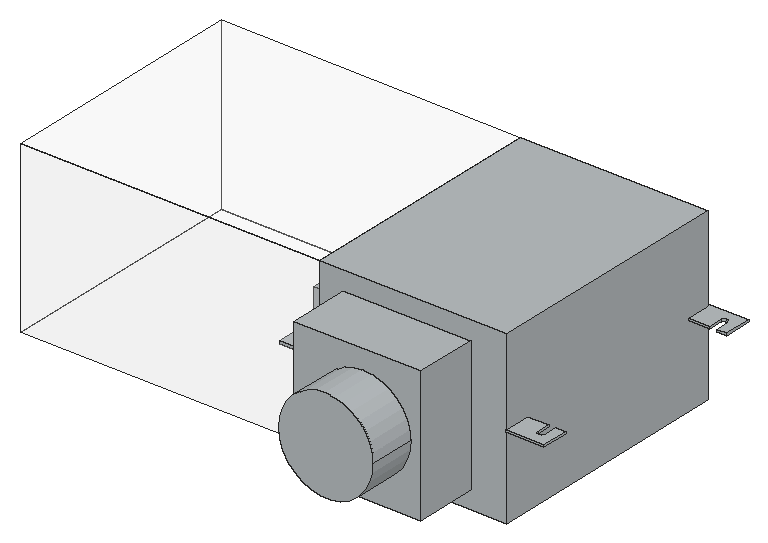
Revit family "10_給気タイプ 消音形 単相100V_3相200V-60", category 機械設備, Revit 2019
Family settings
  丸型コネクタ寸法 = 直径を使用
  パーツ タイプ = 割り込み
  OmniClass 番号 = 23.75.35.17.27
  OmniClass タイトル = Centrifugal Fans
  作業面ベース = いいえ
  常に垂直 = はい
  ロード時にボイドで切り取り = いいえ
  共有 = いいえ
  部屋計算ポイント = はい
Parameters (values of type "BFS-40SSUA")
  騒音レベル(dB(A))_吸込 = 42
  騒音レベル(dB(A))_吐出 = 39
  騒音レベル(dB(A))_側面 = 20.5
  騒音レベル(dB(A)) = 42
  風量 [instance] = 設計風量  # 0.0 m³/h
  電源種別 [instance] = "一般"
  電圧 = 100 V
  電動機出力 = 35 W
  電動機_種別 [instance] = ""
  運転質量 = 0.00 kg
  連動 [instance] = ""
  質量 = if(製品質量 > 運転質量, 製品質量, 運転質量) * 1.2  # 12.60 kg
  負荷分類 = 3_ファン類
  説明 = "ストレートシロッコファン給気タイプ消音形"
  設計風量 [instance] = 0.0 m³/h
  設置方法 = "天吊"
  記号 [instance] = ""
  製造元 = "三菱電機株式会社"
  製品質量 = 10.50 kg
  製品出荷対象 = "国内"
  製品リリース年月 = "2020年4月27日"
  製品グループ = ""
  系統 [instance] = ""
  符号 [instance] = if(☑給気／□排気, "FS", "FE")  # "FS"
  積算_科目 = "2 換気設備"
  積算_拾い区分 [instance] = ""
  相 = 1
  盤記号 [instance] = ""
  盤工事区分 = "電気工事"
  発停方法 [instance] = "別売スイッチ"
  番手 = "#1 1/4"
  特殊仕様 [instance] = ""
  火災停止 = ""
  消費電力 = 85 W
  法定耐用年数 = "15"
  機外静圧 [instance] = 0.0 Pa
  極数 = 2
  極 = 4
  材質 [instance] = ""
  本体マテリアル = 溶融亜鉛めっき鋼板
  操作・制御方式 = ""
  操作・制御スイッチ = ""
  排気量 [instance] = if(☑給気／□排気, 0.0 m³/h, 設計風量)  # 0.0 m³/h
  形式 = ""
  形名 = BFS-SSUA : BFS-40SSUA
  幹線記号 [instance] = ""
  対象室 [instance] = ""
  実風量 = 0.0 m³/h
  始動方式 [instance] = "直入"
  外気量 [instance] = if(☑給気／□排気, 設計風量, 0.0 m³/h)  # 0.0 m³/h
  呼称 = "消音ボックス付送風機"
  周波数 = 60 Hz
  天吊金具ピッチ幅 = 358 mm
  天吊金具ピッチ奥行 = 343 mm
  参照している仕様書等のバージョン = "公共建築工事標準仕様書（機械設備工事編）平成31年度版"
  分類コード = "50052502100020"
  分類グループ = ""
  価格 = 86900
  企業コード = "108420"
  付属品_防振装置 = ""
  付属品 [instance] = ""
  仕様書バージョン = "Version1.0"
  モデル = "BFS-40SSUA"
  ファンの種類 = "多翼形"
  ダクト径 = 150 mm
  サービススペース = yes
  コメント [instance] = ""
  Keynote = ""
  ☑給気／□排気 [instance] = yes
  Width = 282 mm
  Version = ""
  Uniclass2015Version = "Systems v1.9"
  Uniclass2015Title = "Centrifugal fans"
  Uniclass2015Code = "Pr_65_67_29_12"
  URL = "https://www.mitsubishielectric.co.jp/ldg/wink/ssl/displayProduct.do?pid=306648"
  SpecificationReference = ""
  SpecificationDescription = ""
  Revision = ""
  ProductInformation = ""
  OmniClassCode = "23-33 31 19 13 15"
  MIN風量 = 204.0 m³/h
  MIN静圧 = 41.0 Pa
  MID風量 = 0.0 m³/h
  MID静圧 = 0.0 Pa
  MAX風量 = 400.0 m³/h
  MAX静圧 = 97.0 Pa
  M = 70 mm
  IfcTypeProduct = ""
  IfcProduct = ""
  IfcExportType = "CENTRIFUGALFORWARDCURVED"
  IfcExportAs = "IfcFanType"
  Height = 255 mm
  Depth = 378 mm
  Clearance Top = 0 mm  # constant formula
  Clearance Right = 0 mm  # constant formula
  Clearance Left = 450 mm  # constant formula
  Clearance Front = 0 mm  # constant formula
  Clearance Bottom = 0 mm  # constant formula
  Clearance Back = 0 mm  # constant formula
  Author = "三菱電機株式会社"
Types (7, lengths in mm): name | 騒音レベル(dB(A))_吸込 | 騒音レベル(dB(A))_吐出 | 騒音レベル(dB(A))_側面 | 騒音レベル(dB(A)) | 電圧 | 電動機出力 | 質量 | 製品質量 | 符号 | 相 | 番手 | 消費電力 | 極数 | 形名 | 天吊金具ピッチ幅 | 天吊金具ピッチ奥行 | 価格 | モデル | ダクト径 | ☑給気／□排気 | Width | URL | MIN風量 | MIN静圧 | MAX風量 | MAX静圧 | M | Height | Depth
  BFS-40SSUA | 42 | 39 | 20.5 | 42 | 100 V | 35 W | 12.60 kg | 10.50 kg | "FS" | 1 | "#1 1/4" | 85 W | 2 | BFS-SSUA : BFS-40SSUA | 358 | 343 | 86900 | "BFS-40SSUA" | 150 | yes | 282 | "https://www.mitsubishielectric.co.jp/ldg/wink/ssl/displayProduct.do?pid=306648" | 204.0 m³/h | 41.0 Pa | 400.0 m³/h | 97.0 Pa | 70 | 255 | 378
  BFS-50SSUA | 45.5 | 41 | 23.5 | 45.5 | 100 V | 45 W | 15.00 kg | 12.50 kg | "FE" | 1 | "#1 1/4" | 100 W | 2 | BFS-SSUA : BFS-50SSUA | 401 | 388 | 123000 | "BFS-50SSUA" | 200 | no | 325 | "https://www.mitsubishielectric.co.jp/ldg/wink/ssl/displayProduct.do?pid=306649" | 395.0 m³/h | 120.0 Pa | 500.0 m³/h | 190.0 Pa | 85 | 255 | 423
  BFS-80SSUA | 51 | 44.5 | 28 | 51 | 100 V | 110 W | 19.20 kg | 16.00 kg | "FE" | 1 | "#1 1/4" | 210 W | 2 | BFS-SSUA : BFS-80SSUA | 449 | 428 | 137000 | "BFS-80SSUA" | 200 | no | 373 | "https://www.mitsubishielectric.co.jp/ldg/wink/ssl/displayProduct.do?pid=306650" | 650.0 m³/h | 109.0 Pa | 800.0 m³/h | 165.0 Pa | 85 | 305 | 463
  BFS-100SSUA | 53 | 51 | 32 | 53 | 100 V | 200 W | 21.60 kg | 18.00 kg | "FE" | 1 | "#1 1/2" | 280 W | 2 | BFS-SSUA : BFS-100SSUA | 469 | 453 | 154000 | "BFS-100SSUA" | 200 | no | 393 | "https://www.mitsubishielectric.co.jp/ldg/wink/ssl/displayProduct.do?pid=306644" | 880.0 m³/h | 215.0 Pa | 1000.0 m³/h | 260.0 Pa | 85 | 305 | 488
  BFS-150SSUA | 60.5 | 56 | 35 | 60.5 | 100 V | 300 W | 28.20 kg | 23.50 kg | "FE" | 1 | "#1 1/2" | 515 W | 2 | BFS-SSUA : BFS-150SSUA | 467 | 555 | 176000 | "BFS-150SSUA" | 250 | no | 391 | "https://www.mitsubishielectric.co.jp/ldg/wink/ssl/displayProduct.do?pid=306645" | 1275.0 m³/h | 230.0 Pa | 1500.0 m³/h | 320.0 Pa | 85 | 350 | 590
  BFS-150STUA | 57.5 | 56 | 35 | 57.5 | 200 V | 350 W | 28.20 kg | 23.50 kg | "FE" | 3 | "#1 1/2" | 440 W | 3 | BFS-STUA : BFS-150STUA | 467 | 555 | 176000 | "BFS-150STUA" | 250 | no | 391 | "https://www.mitsubishielectric.co.jp/ldg/wink/ssl/displayProduct.do?pid=306646" | 1110.0 m³/h | 175.0 Pa | 1500.0 m³/h | 320.0 Pa | 85 | 350 | 590
  BFS-210STUA | 64.5 | 59.5 | 38 | 64.5 | 200 V | 490 W | 31.80 kg | 26.50 kg | "FE" | 3 | "#1 1/2" | 700 W | 3 | BFS-STUA : BFS-210STUA | 552 | 610 | 271000 | "BFS-210STUA" | 300 | no | 476 | "https://www.mitsubishielectric.co.jp/ldg/wink/ssl/displayProduct.do?pid=306647" | 0.0 m³/h | 0.0 Pa | 2100.0 m³/h | 325.0 Pa | 100 | 350 | 645
Reference planes
  plane 1 "中心(正面/背面)": y = 0
  plane 2: z = 0
  plane 3 "中心(左/右)": x = 0
  plane 4 "左": x = -141
  plane 5 "右": x = 141
  plane 6 "背面": y = 189
  plane 7 "正面": y = -189
  plane 8: z = 127.5
  plane 9: y = 171.5
  plane 10: y = -171.5
  plane 11: x = 179
  plane 12: x = -179
  plane 13: z = -127.5
  plane 14: y = 189
  plane 15: y = -189
  plane 16: x = 141
  plane 17: x = -591
  plane 18: z = 127.5
  plane 19: z = -127.5
Dimensions and locks
  "Width": plane 4 "左" to plane 5 "右"
  equal spacing: plane 7 "正面", plane 1 "中心(正面/背面)", plane 6 "背面"
  "Depth": plane 7 "正面" to plane 6 "背面"
  equal spacing: plane 8, level, plane 13
  "Height": plane 8 to plane 13
  "天吊金具ピッチ幅": plane 12 to plane 11
  equal spacing: plane 10, plane 1 "中心(正面/背面)", plane 9
  "天吊金具ピッチ奥行": plane 10 to plane 9
  "Clearance Back": plane 6 "背面" to plane 14
  "Clearance Front": plane 15 to plane 7 "正面"
  "Clearance Left": plane 17 to plane 4 "左"
  "Clearance Right": plane 5 "右" to plane 16
  "Clearance Top": plane 18 to plane 8
  "Clearance Bottom": plane 13 to plane 19
  equal spacing: plane 12, plane 3 "中心(左/右)", plane 11
  equal spacing: plane 4 "左", plane 3 "中心(左/右)", plane 5 "右"
  aligned and locked: level to plane 2
  aligned and locked: nested 2 to plane 9
  aligned and locked: plane 10 to nested 2
  aligned and locked: plane 12 to nested 2
  aligned and locked: plane 11 to nested 2
  aligned and locked: plane 8 to nested 1
  aligned and locked: nested 1 to plane 13
  aligned and locked: plane 17 to nested 3
  aligned and locked: plane 15 to nested 3
  aligned and locked: plane 18 to nested 3
  aligned and locked: plane 19 to nested 3
  aligned and locked: plane 14 to nested 3
  aligned and locked: plane 4 "左" to nested 3
  aligned and locked: plane 1 "中心(正面/背面)" to nested 1
  aligned and locked: nested 1 to plane 3 "中心(左/右)"
Nested families
  nested 1: "BFS-SSUA" at (0, 0, -127.5) x (0, -1, 0) z (0, 0, 1), type <- "形名", type "BFS-40SSUA"
  nested 2: "固定点" at (-179, -171.5, 0), type "固定点"
    with W 358 mm, D 343 mm
  nested 3: "サービススペース" at (-366, 0, 0), visible <- "サービススペース", type "サービススペース"
    with Width 450 mm, Height 255 mm, Depth 378 mm
Connectors
  hvac at (0, -353, 0), driven by "ダクト径", driven by "機外静圧", driven by "風量"
    settings: on nested 1, index 2, duct flow 0.0 m³/h, flow factor 0, pres drop 0.0 Pa, loss coef 0, conn angle 0.00°, conn width 304.8 mm, conn height 304.8 mm, conn diameter 150 mm, duct sys type 29, conn prof type 0, flow config 0, flow direction 2, loss method 4, conn ref index -1, conn util no, is conn primary yes, conn desc "Out"
  hvac at (0, 259, 0), driven by "ダクト径", driven by "機外静圧", driven by "風量"
    settings: on nested 1, index 3, duct flow 0.0 m³/h, flow factor 0, pres drop 0.0 Pa, loss coef 0, conn angle 0.00°, conn width 304.8 mm, conn height 304.8 mm, conn diameter 150 mm, duct sys type 29, conn prof type 0, flow config 0, flow direction 1, loss method 4, conn ref index -1, conn util no, is conn primary no, conn desc "In"
  electrical at (-204, -76, -29.5), driven by "極数", driven by "負荷分類", driven by "電圧", driven by "消費電力"
    settings: on nested 1, index 4, voltage 100 V, apparent load 85 VA, apparent load phase1 0 VA, apparent load phase2 0 VA, apparent load phase3 0 VA, power factor 1, load classification "3_ファン類", number of poles 2, system type 30, power factor state 1, is connector primary yes, connector utility no, sub classification motor no, connector description ""
Definition of nested family "BFS-SSUA"
  Parameters (values of type "BFS-40SSUA")
    端子カバー高 = 140 mm  # constant formula
    端子カバー手前位置 = 68 mm
    端子カバー幅 = 63 mm
    端子カバー奥行 = 90 mm  # constant formula
    端子カバー上位置 = 87 mm
    吊りボルトW = 343 mm
    吊りボルトD = 358 mm
    マテリアル = none
    ダクトW = 191 mm
    ダクトH = 201 mm
    カバーD = 63 mm
    φ = 142 mm
    Φ = 160 mm
    kb_z = 25 mm
    h1 = 28 mm
    b = 281 mm
    a = 70 mm
    W2 = 41 mm
    A = 472 mm
    W = 378 mm
    H = 255 mm
    c = 51 mm
    d1 = 55 mm
    D1 = 398 mm
    D = 282 mm
  Types (5, lengths in mm): name | 端子カバー手前位置 | 端子カバー幅 | 端子カバー上位置 | 吊りボルトW | 吊りボルトD | ダクトW | ダクトH | カバーD | φ | Φ | kb_z | h1 | b | a | A | W | H | c | d1 | D1 | D
    BFS-40SSUA | 68 | 63 | 87 | 343 | 358 | 191 | 201 | 63 | 142 | 160 | 25 | 28 | 281 | 70 | 472 | 378 | 255 | 51 | 55 | 398 | 282
    BFS-50SSUA | 68 | 63 | 87 | 388 | 401 | 218 | 252 | 63 | 192 | 208 | 25 | 3.5 | 264 | 85 | 528 | 423 | 255 | 51 | 54 | 441 | 325
    BFS-80SSUA | 69 | 63 | 117 | 428 | 449 | 299 | 273 | 63 | 192 | 208 | 25 | 31 | 331 | 85 | 604 | 463 | 305 | 52 | 37 | 489 | 373
    BFS-100SSUA | 69 | 63 | 117 | 453 | 469 | 272 | 256 | 63 | 192 | 208 | 25 | 25 | 331 | 85 | 609 | 488 | 305 | 52 | 61 | 509 | 393
    BFS-150SSUA | 87 | 71 | 25 | 555 | 467 | 299 | 314 | 71 | 242 | 258 | 150 | 30 | 391 | 85 | 741 | 590 | 350 | 70 | 39 | 507 | 391
  Reference planes
    plane 1 "中心(正面/背面)": y = 0
    plane 2: z = 0
    plane 3 "中心(左/右)": x = 0
    plane 4: y = 141
    plane 5: y = 179
    plane 6: y = 199
    plane 7: y = -141
    plane 8: y = -179
    plane 9: y = -199
    plane 10: x = -189
    plane 11: x = -171.5
    plane 12: x = -192
    plane 13: x = 189
    plane 14: x = 171.5
    plane 15: x = 192
    plane 16: z = 255
    plane 17: z = 600
    plane 18: z = 900
    plane 19: z = 1200
    plane 20: x = -160
    plane 21: x = 121
    plane 22: x = 353
    plane 23: x = -259
    plane 24: z = 127.5
    plane 25: z = 124.5
    plane 26: z = 86.5
    plane 27: x = -151
    plane 28: z = 109.5
    plane 29: x = 151
    plane 30: y = 144
    plane 31: x = 31
    plane 32: z = 168
    plane 33: z = 28
    plane 34: y = -204
    plane 35: x = 283
    plane 36: y = 86
    plane 37: y = -105
    plane 38: z = 227
    plane 39: z = 50
    plane 40: z = 26
  Forms (mm)
    Extrusion 1, solid, material <- "マテリアル", detail levels fine
      sketch origin (0, 0, 0) x (1, 0, 0) y (0, 1, 0)
        loop
          line (-189, 141) -> (-189, -141) -> (189, -141) -> (189, 141) -> (-189, 141)
      from 0 to 255
    Extrusion 2, solid, material <- "マテリアル", detail levels fine
      sketch origin (0, 0, 0) x (1, 0, 0) y (0, 1, 0)
        loop
          line (-192, -141) -> (-192, -199) -> (-151, -199) -> (-151, -184.5) -> (-171.5, -184.5)
          arc (-171.5, -184.5) -> (-177, -179) -> (-171.5, -173.5) r 5.5
          line (-171.5, -173.5) -> (-151, -173.5) -> (-151, -141) -> (-192, -141)
      from 124.5 to 127.5
    Extrusion 3, solid, material <- "マテリアル", detail levels fine
      sketch origin (0, 0, 0) x (1, 0, 0) y (0, 1, 0)
        loop
          line (-192, 141) -> (-151, 141) -> (-151, 173.5) -> (-171.5, 173.5)
          arc (-171.5, 173.5) -> (-177, 179) -> (-171.5, 184.5) r 5.5
          line (-171.5, 184.5) -> (-151, 184.5) -> (-151, 199) -> (-192, 199) -> (-192, 141)
      from 124.5 to 127.5
    Extrusion 4, solid, material <- "マテリアル", detail levels fine
      sketch origin (0, 0, 0) x (-1, 0, 0) y (0, -1, 0)
        loop
          line (-192, -141) -> (-192, -199) -> (-151, -199) -> (-151, -184.5) -> (-171.5, -184.5)
          arc (-171.5, -184.5) -> (-177, -179) -> (-171.5, -173.5) r 5.5
          line (-171.5, -173.5) -> (-151, -173.5) -> (-151, -141) -> (-192, -141)
      from 124.5 to 127.5
    Extrusion 5, solid, material <- "マテリアル", detail levels fine
      sketch origin (0, 0, 0) x (-1, 0, 0) y (0, -1, 0)
        loop
          line (-192, 141) -> (-151, 141) -> (-151, 173.5) -> (-171.5, 173.5)
          arc (-171.5, 173.5) -> (-177, 179) -> (-171.5, 184.5) r 5.5
          line (-171.5, 184.5) -> (-151, 184.5) -> (-151, 199) -> (-192, 199) -> (-192, 141)
      from 124.5 to 127.5
    Extrusion 6, solid, material <- "マテリアル", detail levels fine
      sketch origin (0, 0, 0) x (0, 1, 0) y (0, 0, 1)
        loop
          circle (0, 127.5) r 71
      from -189 to -259
    Extrusion 7, solid, material <- "マテリアル", detail levels fine
      sketch origin (0, 0, 0) x (0, 1, 0) y (0, 0, -1)
        loop
          circle (0, -127.5) r 71
      from -283 to -353
    Extrusion 8, solid, material <- "マテリアル", detail levels fine
      sketch origin (0, 0, 0) x (1, 0, 0) y (0, 0, 1)
        loop
          line (121, 168) -> (31, 168) -> (31, 28) -> (121, 28) -> (121, 168)
      from 141 to 204
    Extrusion 9, solid, material <- "マテリアル", detail levels fine
      sketch origin (0, 0, 0) x (0, 1, 0) y (0, 0, 1)
        loop
          line (-105, 227) -> (-105, 26) -> (86, 26) -> (86, 227) -> (-105, 227)
      from 189 to 283
  Dimensions and locks
    "吊りボルトW": plane 11 to plane 14
    "W": plane 10 to plane 13
    "D1": plane 9 to plane 6
    "吊りボルトD": plane 8 to plane 5
    "D": plane 7 to plane 4
    equal spacing: plane 7, plane 1 "中心(正面/背面)", plane 4
    equal spacing: plane 10, plane 3 "中心(左/右)", plane 13
    "H": plane 16 to level
    locked: plane 13 to plane 15 at 3
    locked: plane 12 to plane 10 at 3
    equal spacing: plane 16, plane 24, level
    locked: plane 24 to plane 25 at 3
    locked: plane 24 to plane 26 at 41
    "W2": plane 12 to plane 27
    locked: plane 25 to plane 28 at 15
    "W2": plane 29 to plane 15
    locked: plane 30 to plane 4 at 3
    "a": plane 23 to plane 10
    "端子カバー手前位置": plane 13 to plane 21
    "b": plane 21 to plane 20
    "端子カバー奥行": plane 21 to plane 31
    "端子カバー高": plane 32 to plane 33
    "端子カバー幅": plane 34 to plane 7
    equal spacing: plane 11, plane 3 "中心(左/右)", plane 14
    equal spacing: plane 9, plane 1 "中心(正面/背面)", plane 6
    equal spacing: plane 8, plane 1 "中心(正面/背面)", plane 5
    "a": plane 35 to plane 22
    "A": plane 10 to plane 35
    "ダクトW": plane 37 to plane 36
    "d1": plane 36 to plane 4
    "ダクトH": plane 38 to plane 40
    "h1": plane 16 to plane 38
    "端子カバー上位置": plane 16 to plane 32
    "φ": diameter of Extrusion 6 sketch curve
    "φ": diameter of Extrusion 7 sketch curve
    aligned and locked: level to plane 2
    aligned and locked: plane 4 to Extrusion 1 sketch curve
    aligned and locked: plane 10 to Extrusion 1 sketch curve
    aligned and locked: Extrusion 1 sketch curve to plane 7
    aligned and locked: Extrusion 1 sketch curve to plane 13
    aligned and locked: plane 16 to Extrusion 1
    aligned and locked: plane 7 to Extrusion 2 sketch curve
    aligned and locked: plane 12 to Extrusion 2 sketch curve
    aligned and locked: Extrusion 2 sketch curve to plane 9
    aligned and locked: Extrusion 2 sketch curve to plane 27  (x2)
    aligned and locked: plane 11 to Extrusion 2 sketch curve
    aligned and locked: plane 8 to Extrusion 2 sketch curve
    aligned and locked: plane 24 to Extrusion 2
    aligned and locked: Extrusion 2 to plane 25
    aligned and locked: plane 27 to Extrusion 3 sketch curve  (x2)
    aligned and locked: plane 5 to Extrusion 3 sketch curve
    aligned and locked: plane 11 to Extrusion 3 sketch curve
    aligned and locked: Extrusion 3 sketch curve to plane 6
    aligned and locked: Extrusion 3 sketch curve to plane 12
    aligned and locked: plane 4 to Extrusion 3 sketch curve
    aligned and locked: plane 24 to Extrusion 3
    aligned and locked: Extrusion 3 to plane 25
    aligned and locked: Extrusion 4 to plane 6
    aligned and locked: plane 15 to Extrusion 4
    aligned and locked: Extrusion 4 to plane 29
    aligned and locked: plane 29 to Extrusion 4 sketch curve  (x2)
    aligned and locked: plane 6 to Extrusion 4 sketch curve
    aligned and locked: Extrusion 4 sketch curve to plane 15
    aligned and locked: plane 5 to Extrusion 4 sketch curve
    aligned and locked: plane 14 to Extrusion 4 sketch curve
    aligned and locked: Extrusion 4 sketch curve to plane 4
    aligned and locked: Extrusion 4 to plane 25
    aligned and locked: plane 24 to Extrusion 4
    aligned and locked: plane 9 to Extrusion 5 sketch curve
    aligned and locked: plane 15 to Extrusion 5 sketch curve
    aligned and locked: Extrusion 5 sketch curve to plane 7
    aligned and locked: Extrusion 5 sketch curve to plane 29  (x2)
    aligned and locked: plane 14 to Extrusion 5 sketch curve
    aligned and locked: plane 8 to Extrusion 5 sketch curve
    aligned and locked: Extrusion 5 to plane 25
    aligned and locked: plane 24 to Extrusion 5
    aligned and locked: plane 1 "中心(正面/背面)" to Extrusion 6 sketch curve
    aligned and locked: plane 24 to Extrusion 6 sketch curve
    aligned and locked: Extrusion 6 to plane 23
    aligned and locked: plane 24 to Extrusion 7 sketch curve
    aligned and locked: plane 1 "中心(正面/背面)" to Extrusion 7 sketch curve
    aligned and locked: plane 22 to Extrusion 7
    aligned and locked: plane 32 to Extrusion 8 sketch curve
    aligned and locked: plane 21 to Extrusion 8 sketch curve
    aligned and locked: Extrusion 8 sketch curve to plane 33
    aligned and locked: Extrusion 8 sketch curve to plane 31
    aligned and locked: Extrusion 8 to plane 7
    aligned and locked: Extrusion 9 sketch curve to plane 38
    aligned and locked: Extrusion 9 sketch curve to plane 37
    aligned and locked: plane 36 to Extrusion 9 sketch curve
    aligned and locked: plane 40 to Extrusion 9 sketch curve
    aligned and locked: plane 35 to Extrusion 9
    aligned and locked: Extrusion 9 to plane 13
    aligned and locked: plane 34 to Extrusion 8
    aligned and locked: plane 10 to Extrusion 6
    aligned and locked: Extrusion 7 to plane 35
  Automatic sketch dimensions
    Extrusion 2 sketch curve to plane 11 = 0 mm
    plane 8 to Extrusion 2 sketch curve = 5.5 mm
    Extrusion 3 sketch curve to plane 11 = 0 mm
    plane 5 to Extrusion 3 sketch curve = 5.5 mm
    Extrusion 4 sketch curve to plane 14 = 0 mm
    Extrusion 4 sketch curve to plane 5 = 5.5 mm
    Extrusion 5 sketch curve to plane 14 = 0 mm
    Extrusion 5 sketch curve to plane 8 = 5.5 mm
Definition of nested family "サービススペース"
  Parameters (values of type "サービススペース")
    Width [instance] = 500 mm
    Height [instance] = 500 mm
    Depth [instance] = 500 mm
  Reference planes
    plane 1 "中心(正面/背面)": y = 0
    plane 2: z = 0
    plane 3 "中心(左/右)": x = 0
    plane 4: y = -250
    plane 5: x = 250
    plane 6: y = 250
    plane 7: x = -250
    plane 8: z = 250
    plane 9: z = -250
  Forms (mm)
    Extrusion 1, solid
      sketch origin (-638.939, 0, 72.39) x (1, 0, 0) y (0, 1, 0)
        loop
          line (388.939, 250) -> (388.939, -250) -> (888.939, -250) -> (888.939, 250) -> (388.939, 250)
      from -322.39 to 177.61
  Lines and regions (mm)
    symbolic lines
      curve 1: line (-250, 0, 250) -> (250, 0, 250)
      curve 2: line (-250, 0, -250) -> (-250, 0, 250)
      curve 3: line (250, 0, -250) -> (-250, 0, -250)
      curve 4: line (250, 0, 250) -> (250, 0, -250)
      curve 5: line (0, -250, 250) -> (0, 250, 250)
      curve 6: line (0, -250, -250) -> (0, -250, 250)
      curve 7: line (0, 250, -250) -> (0, -250, -250)
      curve 8: line (0, 250, 250) -> (0, 250, -250)
      curve 9: line (-250, 250, 0) -> (250, 250, 0)
      curve 10: line (-250, -250, 0) -> (-250, 250, 0)
      curve 11: line (250, -250, 0) -> (-250, -250, 0)
      curve 12: line (250, 250, 0) -> (250, -250, 0)
  Dimensions and locks
    equal spacing: plane 7, plane 3 "中心(左/右)", plane 5
    equal spacing: plane 4, plane 1 "中心(正面/背面)", plane 6
    "Depth": plane 4 to plane 6
    "Width": plane 7 to plane 5
    equal spacing: plane 8, plane 2, plane 9
    "Height": plane 8 to plane 9
    aligned and locked: plane 9 to curve 3
    aligned and locked: plane 7 to curve 2
    aligned and locked: curve 4 to plane 5
    aligned and locked: plane 5 to Extrusion 1
    aligned and locked: Extrusion 1 to plane 7
    aligned and locked: Extrusion 1 to plane 9
    aligned and locked: plane 8 to Extrusion 1
    aligned and locked: plane 9 to curve 7
  Automatic sketch dimensions
    plane 4 to Extrusion 1 sketch curve = 0 mm
    Extrusion 1 sketch curve to plane 7 = 0 mm
    Extrusion 1 sketch curve to plane 5 = 0 mm
    plane 6 to Extrusion 1 sketch curve = 0 mm
    curve 2 to plane 8 = 0 mm
    plane 4 to curve 11 = 0 mm
    curve 11 to plane 7 = 0 mm
    curve 11 to plane 5 = 0 mm
    plane 6 to curve 10 = 0 mm
    curve 7 to plane 4 = 0 mm
    curve 7 to plane 6 = 0 mm
    curve 6 to plane 8 = 0 mm
Definition of nested family "固定点"
  Parameters (values of type "固定点")
    中心円 = 11 mm
    W [instance] = 1000 mm
    D [instance] = 1000 mm
  Reference planes
    plane 1 "中心(正面/背面)": y = 0
    plane 2: z = 0
    plane 3 "中心(左/右)": x = 0
    plane 4: x = 1000
    plane 5: y = 1000
  Lines and regions (mm)
    symbolic lines, detail levels fine
      curve 1: circle (0, 1000, 0) r 5.5 normal (0, 0, 1)
      curve 2: circle (0, 0, 0) r 5.5 normal (0, 0, 1)
      curve 3: circle (1000, 1000, 0) r 5.5 normal (0, 0, 1)
      curve 4: circle (1000, 0, 0) r 5.5 normal (0, 0, 1)
      curve 5: line (-200, 1000, 0) -> (1200, 1000, 0)
      curve 6: line (-200, 0, 0) -> (1200, 0, 0)
      curve 7: line (0, 1200, 0) -> (0, -200, 0)
      curve 8: line (1000, 1200, 0) -> (1000, -200, 0)
  Dimensions and locks
    "W": plane 3 "中心(左/右)" to plane 4
    "D": plane 1 "中心(正面/背面)" to plane 5
    "中心円": diameter of curve 1
    "中心円": diameter of curve 2
    "中心円": diameter of curve 3
    "中心円": diameter of curve 4
    aligned and locked: level to plane 2
    aligned and locked: plane 5 to curve 1
    aligned and locked: plane 3 "中心(左/右)" to curve 1
    aligned and locked: plane 3 "中心(左/右)" to curve 2
    aligned and locked: plane 1 "中心(正面/背面)" to curve 2
    aligned and locked: plane 4 to curve 3
    aligned and locked: plane 5 to curve 3
    aligned and locked: plane 1 "中心(正面/背面)" to curve 4
    aligned and locked: plane 4 to curve 4
    aligned and locked: plane 1 "中心(正面/背面)" to curve 6
    aligned and locked: curve 7 to plane 3 "中心(左/右)"
    aligned and locked: curve 8 to plane 4
  Automatic sketch dimensions
    curve 5 to plane 5 = 0 mm
    curve 6 to plane 3 "中心(左/右)" = 200 mm
    curve 5 to plane 3 "中心(左/右)" = 200 mm
    curve 4 to curve 6 = 200 mm
    curve 3 to curve 5 = 200 mm
    plane 1 "中心(正面/背面)" to curve 8 = 200 mm
    plane 1 "中心(正面/背面)" to curve 7 = 200 mm
    curve 3 to curve 8 = 200 mm
    curve 1 to curve 7 = 200 mm
